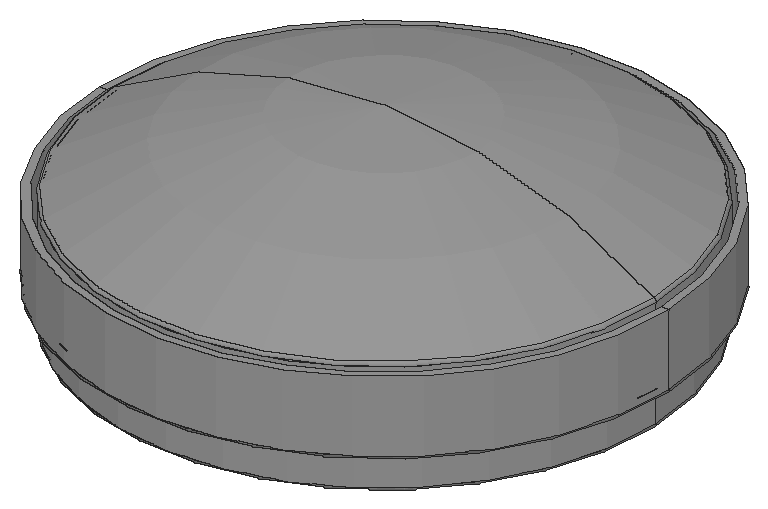
Revit family "3034778 Sylvania Lighting Fixture GIOTTO305 LED G2 4000K RECESSED 1-10V MW", category Lighting Fixtures, host Face, Revit 2016
Family settings
  Host = Face
  Part Type = Normal
  Round Connector Dimension = Use Diameter
  OmniClass Number = 23.80.70.00
  OmniClass Title = Lighting
  Cut with Voids When Loaded = No
  Light Source = Yes
  Shared = No
  Room Calculation Point = No
Parameters (values of type "3034778 GIOTTO305 LED G2 4000K RECESSED 1-10V MW")
  Weight = "1.11 kg"
  Wattage Comments = ""
  Wattage = 19 W
  WarrantyStartDate [instance] = "n/a"
  WarrantyGuarantorParts = "n/a"
  WarrantyDurationUnit = "n/a"
  WarrantyDurationParts = "n/a"
  WarrantyDescription = "n/a"
  built-in parameter 1150110 = 1 (stored number, unit not read)
  Voltage = 0 V
  URL = "http://www.sylvania-lighting.com"
  TypeName = "GIOTTO305 LED G2 4000K RECESSED 1-10V MW"
  Type Image = <None>
  Type Comments = "n/a"
  built-in parameter 1114217 = 1 (stored number, unit not read)
  Tilt Angle = -90.00°
  built-in parameter 1150109 = 1 (stored number, unit not read)
  built-in parameter 1150134 = 12
  built-in parameter 1150113 = 1 (stored number, unit not read)
  SerialNumber [instance] = "n/a"
  Photometric Web File = "3034778.ies"
  Material_3_SYL = LED-Sylvania
  PowerFactor = 0
  PowerConsumption = "19 W"
  NominalLength = 305 mm
  NominalHeight = 104 mm
  NominalDepth = 305 mm
  Name = "GIOTTO305 LED G2 4000K RECESSED 1-10V MW"
  ModelReference = Name  # "GIOTTO305 LED G2 4000K RECESSED 1-10V MW"
  ModelNumber = "3034778"
  Model = Name  # "GIOTTO305 LED G2 4000K RECESSED 1-10V MW"
  Material = "polycarbonate housing, polycarbonate diffuser"
  ManufacturerName = "Feilo Sylvania"
  Manufacturer = "Feilo Sylvania"
  LuminousEfficacy = "89 lm/W"
  built-in parameter 1150105 = 134.57 (stored number, unit not read)
  Lumens = 1691 lm
  LuminaireType = ""
  built-in parameter 1150115 = 1 (stored number, unit not read)
  LightOutputRatio = "n/a"
  built-in parameter 1150137 = (empty or 0)
  built-in parameter 1150139 = (empty or 0)
  LampsType = Lamp  # "LED"
  LampNominalLuminous = "1690 lm"
  LampMacAdamStep = "n/a"
  LampColourTemperature = "4000 K"
  LampColourRenderingIndex = "80"
  built-in parameter 1150112 = 1 (stored number, unit not read)
  built-in parameter 1150114 = 1 (stored number, unit not read)
  Lamp = "LED"
  Keynote = "16500"
  InstallationDate [instance] = "n/a"
  InputVoltage = "n/a"
  InputNominalFrequency = "n/a"
  built-in parameter 1150132 = (empty or 0)
  built-in parameter 1150102 = (empty or 0)
  built-in parameter 1150107 = 4000 (stored number, unit not read)
  built-in parameter 1150138 = (empty or 0)
  IngressProtection = "IP44"
  ImpactProtectionIndex = "IK10"
  built-in parameter 1150106 = 1.3457 (stored number, unit not read)
  IfcExportType = "IfcLightFixtureType"
  IfcExportAs = "IfcLightFixtureType"
  Height_SYL = 104 mm
  ExpectedLife = 50000
  Emit from Circle Diameter = 317 mm
  Emit Shape Visible in Rendering = no
  ElectricShockClassification = "Class I"
  built-in parameter 1150104 = 8.2684 (stored number, unit not read)
  DurationUnit = "hours"
  DocumentationLiterature = "http://www.sylvania-lighting.com/product/en-int/products/3034778"
  DimmingControlOptions = "n/a"
  Material_2_SYL = Polycarbonate_Sylvania_Giotto_Opal
  Dimming Lamp Color Temperature Shift = <None>
  DiffuserRadius_SYL = 282.611 mm
  Diameter_SYL = 305 mm
  Description = "Ambient and decorative round, recessed mounted LED bulkhead luminaire. White robust polycarbonate body with opal diffuser, 1690 lm, 19W, 89lm/W, 4000K, CRI 80, 1-10V dimmable, integral microwave sensor. 50,000 hours lumen maintenance. Drive current: 700mA, IP44, IK10, Class I, 220-240V, Energy class: A++, A+, A."
  Default Elevation = 1219.2 mm
  CreatedOn = "11/7/2018"
  CreatedBy = "@sylvania-lighting.com"
  Cost = 0
  Color Filter = 16777215
  built-in parameter 1114216 [instance] = (empty or 0)
  ClassificationValue = "EF_70_80"
  ClassificationName = "Uniclass2015"
  Material_1_SYL = Polycarbonate_Sylvania_Giotto_White
  BarCode [instance] = "n/a"
  built-in parameter 1114218 = 1 (stored number, unit not read)
  built-in parameter 1150133 = 10 (stored number, unit not read)
  AssetType = "Fixed"
  AssetIdentifier [instance] = "n/a"
  Assembly Code = "D5020200"
  Apparent Load = 19 VA
  Material_4_SYL = none
Reference planes
  plane 1 "Center (Front/Back)": y = 0
  plane 2: z = 0
  plane 3 "Center (Left/Right)": x = 0
  plane 4: x = 152.5
  plane 5: x = -152.5
  plane 6: x = -145.5
  plane 7: x = -148.5
  plane 8: z = 104
  plane 9: z = 59
  plane 10: z = 19
  plane 11: z = 24
  plane 12: x = -150.9
  plane 13: z = 20.6
  plane 14: z = 1.6
  plane 15: x = -143.9
  plane 16: z = 18
  plane 17: x = -146.5
  plane 18: z = 25
  plane 19: z = 61
Forms (mm)
  Revolve 1, solid, material "Polycarbonate_Sylvania_Giotto_White" <- "Material_1_SYL"
    sketch origin (0, 0, 0) x (1, 0, 0) y (0, 0, 1)
      loop
        line (0, 0) -> (0, 25) -> (-143.9, 25) -> (-143.9, 24) -> (-148.5, 24) -> (-148.5, 59) -> (-152.5, 59) -> (-152.5, 20.6)
        arc (-152.5, 20.6) -> (-152.031, 19.469) -> (-150.9, 19) r 1.6
        line (-150.9, 19) -> (-146.5, 19)
        arc (-146.5, 19) -> (-145.793, 18.707) -> (-145.5, 18) r 1
        line (-145.5, 18) -> (-145.5, 1.6)
        arc (-145.5, 1.6) -> (-145.031, 0.469) -> (-143.9, 0) r 1.6
        line (-143.9, 0) -> (0, 0)
      axis (0, 59) -> (0, 0)
    angle from 360 to 0
  Revolve 2, solid, material "Polycarbonate_Sylvania_Giotto_Opal" <- "Material_2_SYL"
    sketch origin (0, 0, 0) x (1, 0, 0) y (0, 0, 1)
      loop
        line (-145.5, 24) -> (-143.9, 24) -> (-143.9, 59.636)
        arc (-143.9, 59.636) -> (-143.79, 60.068) -> (-143.485, 60.394) r 0.9
        arc (-143.485, 60.394) -> (-74.754, 91.683) -> (0, 102.4) r 266.066
        line (0, 102.4) -> (0, 104)
        arc (0, 104) -> (-75.203, 93.218) -> (-144.348, 61.742) r 267.666
        arc (-144.348, 61.742) -> (-145.193, 60.836) -> (-145.5, 59.636) r 2.5
        line (-145.5, 59.636) -> (-145.5, 24)
      axis (0, 104) -> (0, 24)
    angle from 360 to 0
Dimensions and locks
  equal spacing: plane 4, plane 3 "Center (Left/Right)", plane 5
  "Diameter_SYL": plane 4 to plane 5
  locked: plane 6 to plane 5 at 7
  locked: plane 7 to plane 5 at 4
  "Height_SYL": plane 8 to plane 2
  locked: plane 8 to plane 9 at 45
  locked: plane 9 to plane 10 at 40
  Revolve 1 sketch curve to Revolve 1 sketch curve = 4.4 mm
  locked: plane 11 to plane 10 at 5
  locked: plane 12 to plane 5 at 1.6
  locked: plane 13 to plane 10 at 1.6
  locked: plane 14 to plane 2 at 1.6
  locked: plane 15 to plane 6 at 1.6
  locked: plane 6 to plane 17 at 1
  locked: plane 10 to plane 16 at 1
  locked: plane 18 to plane 11 at 1
  locked: plane 19 to plane 9 at 2
  aligned and locked: plane 2 to host face
  aligned and locked: level to host face
  aligned and locked: Revolve 1 sketch curve to plane 3 "Center (Left/Right)"
  aligned and locked: level to Revolve 1 sketch curve
  aligned and locked: Revolve 1 sketch curve to plane 10
  aligned and locked: plane 9 to Revolve 1 sketch curve
  aligned and locked: Revolve 1 sketch curve to plane 7
  aligned and locked: plane 12 to Revolve 1 sketch curve  (x2)
  aligned and locked: plane 13 to Revolve 1 sketch curve  (x2)
  aligned and locked: plane 15 to Revolve 1 sketch curve  (x3)
  aligned and locked: plane 14 to Revolve 1 sketch curve  (x2)
  aligned and locked: plane 3 "Center (Left/Right)" to imposter light
  aligned and locked: imposter light to plane 1 "Center (Front/Back)"
  aligned and locked: plane 18 to Revolve 1 sketch curve
  aligned and locked: plane 11 to Revolve 1 sketch curve
  aligned and locked: imposter light to plane 8
  aligned and locked: plane 6 to Revolve 1 sketch curve
  aligned and locked: plane 17 to Revolve 1 sketch curve
  aligned and locked: plane 16 to Revolve 1 sketch curve
  aligned and locked: Revolve 2 sketch curve to plane 3 "Center (Left/Right)"
  aligned and locked: plane 6 to Revolve 2 sketch curve
  aligned and locked: plane 3 "Center (Left/Right)" to Revolve 2 sketch curve
  aligned and locked: plane 11 to Revolve 2 sketch curve
  aligned and locked: Revolve 2 sketch curve to imposter light
Automatic sketch dimensions
  host sketch curve to host sketch curve = 2438.4 mm  (x2)
  Revolve 1 sketch curve to plane 3 "Center (Left/Right)" = 0 mm
  Revolve 1 sketch curve to level = 609.6 mm
  Revolve 1 sketch curve to plane 8 = 2499.058 mm
  Revolve 2 sketch curve to Revolve 2 sketch curve = 0 mm  (x4)
  Revolve 2 sketch curve to plane 15 = 0 mm
  Revolve 2 sketch curve to plane 8 = 0 mm
  plane 15 to Revolve 2 sketch curve = 0.9 mm
  Revolve 2 sketch curve to level = 163.666 mm
  Revolve 2 sketch curve to plane 9 = 0.636 mm
  Revolve 2 sketch curve to Revolve 2 sketch curve = 445.934 mm
  Revolve 2 sketch curve to plane 8 = 2505.058 mm
Connectors
  electrical at (0, 0, 0), driven by "Apparent Load", driven by "PowerFactor", driven by "Voltage"
    settings: index 1, voltage 0 V, apparent load 19 VA, apparent load phase1 0 VA, apparent load phase2 0 VA, apparent load phase3 0 VA, power factor 0, load classification "Lighting", number of poles 1, system type 30, power factor state 1, is connector primary yes, connector utility no, sub classification motor no, connector description ""
